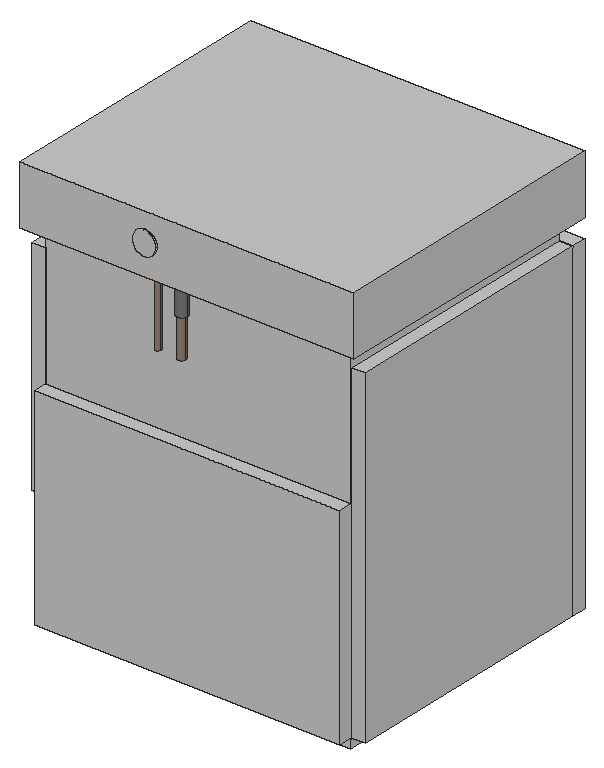
Revit family "QF_Brema_M800SPLIT_M1000SPLITCO2", category Specialty Equipment, Revit 2014
Parameters (values of type "M1000SPLITCO2")
  Width = 700 mm
  Weight = "138 kg"
  Watts = 180 W
  Volts = 230 V
  URL Cutsheet = ""
  URL = "www.bremaice.it"
  Status [instance] = ""
  Specification by User [instance] = ""
  Specification by Manufacturer [instance] = ""
  Show Logo [instance] = yes
  Show Clearance [instance] = yes
  Serial Number = ""
  Seismic Rating = ""
  SMACNA No = ""
  Revision Code [instance] = ""
  Refrigerant Volume [instance] = 0.00 kN
  Refrigerant Type = "CO2"
  Plumbing Remarks [instance] = ""
  Plumbing Connection Type [instance] = ""
  Phase = 1
  Number of Poles [instance] = 1
  NAFEM Spec ID Number = ""
  Model = "M800SPLIT"
  Min Ckt Ampacity = 0 A
  Max Overcurrent Protection = 10 A
  Manufacturer = "BREMA"
  Item Number [instance] = ""
  Installed By [instance] = ""
  Indirect Waste Size = 1"
  Indirect Waste Radius = Indirect Waste Size / 2  # 1/2"
  Indirect Waste Flow [instance] = 0 m³/h
  Indirect Waste Connection Type [instance] = ""
  Indirect Waste Connection Height = 65 mm
  Identify Quantity as Lot [instance] = no
  Height = 880 mm
  HP = ""
  Furnished By [instance] = ""
  Foodservice Equipment Identifier [instance] = yes
  FL Amps = 0 A
  Electrical Remarks [instance] = ""
  Electric Connection Type [instance] = ""
  Elec Conn RI Height [instance] = 0 mm
  Elec Conn Connection Height = 204 mm
  Description = "AUTOMATIC ICE CUBE MAKER AIR COOLED"
  Depth = 604 mm
  Daily Production [instance] = "1040,0 kg/24h T=21°C:15°C"
  Cycle = 50 Hz
  Conn Plug = ""
  Conn Conduit = yes
  Cold Water Temperature Recommended [instance] = 35 °C
  Cold Water Size Radius = Cold Water Size / 2  # 3/8"
  Cold Water Size = 3/4"
  Cold Water RI Height [instance] = 0 mm
  Cold Water Minimum Pressure = 1.0 bar
  Cold Water Maximum Pressure = 6.0 bar
  Cold Water Flow [instance] = 0 m³/h
  Cold Water Consumption [instance] = "1 l/kg"
  Cold Water Connection Height = 120 mm
  CSI MasterFormat = ""
  BTUH = 0 W
  Assembly Code = "E1090320"
  Apparent Power = 180 VA
Types (3, lengths in mm): name | Refrigerant Type | Daily Production
  (no name) | "CO2" | "1040,0 kg/24h T=21°C:15°C"
  M800SPLIT | "R404A" | "900,0 kg/24h T=21°C:15°C"
  M1000SPLITCO2 | "CO2" | "1040,0 kg/24h T=21°C:15°C"
Reference planes
  plane 1 "BACK": y = 0
  plane 2: z = 0
  plane 3 "LEFT": x = 0
  plane 4 "RIGHT": x = 700
  plane 5 "FRONT": y = -604
  plane 6 "TOP": z = 880
Forms (mm)
  Extrusion 1, solid
    sketch origin (30, -557, 121) x (0, -1, 0) y (0, 0, 1)
      loop
        circle (-76, 83) r 4
    from 4 to 20
  Extrusion 2, solid
    sketch origin (30, -557, 159) x (0, -1, 0) y (0, 0, 1)
      loop
        circle (-76, 45) r 15
    from 0 to 4
  Extrusion 3, solid
    sketch origin (30, -176, 93.5) x (0, -1, 0) y (0, 0, -1)
      loop
        circle (305, -26.5) r 10
    from 0 to -20
  Extrusion 4, solid, visible <- "Show Clearance", detail levels coarse
    sketch origin (0, 0, 0) x (1, 0, 0) y (0, 1, 0)
      loop
        line (0, 50) -> (0, 0) -> (700, 0) -> (700, 50) -> (0, 50)
    from 0 to 880
  Extrusion 5, solid
    sketch origin (30, -221, 38.5) x (0, -1, 0) y (0, 0, -1)
      loop
        circle (305, -26.5) r 12.7
    from 0 to -20
  Extrusion 6, solid
    sketch origin (0, 0, 265) x (0, 1, 0) y (0, 0, 1)
      loop
        line (0, 615) -> (-604, 615) -> (-604, 490) -> (0, 490) -> (0, 615)
    from 0 to 700
  Extrusion 7, solid
    sketch origin (0, 0, 0) x (0, 1, 0) y (0, 0, 1)
      loop
        line (-574, 715) -> (-574, 250) -> (-424, 250) -> (-424, 20) -> (-30, 20) -> (-30, 715) -> (-574, 715)
    from 0 to 30
  Extrusion 8, solid
    sketch origin (700, 0, 0) x (0, 1, 0) y (0, 0, 1)
      loop
        line (-30, 715) -> (-574, 715) -> (-574, 20) -> (-30, 20) -> (-30, 715)
    from 0 to -30
  Extrusion 9, solid
    sketch origin (0, 0, 0) x (1, 0, 0) y (0, 1, 0)
      loop
        line (30, -30) -> (30, -574) -> (670, -574) -> (670, -30) -> (30, -30)
    from 0 to 20
  Extrusion 10, solid
    sketch origin (0, -604, 0) x (1, 0, 0) y (0, 0, 1)
      loop
        line (30, 460) -> (30, 20) -> (670, 20) -> (670, 460) -> (30, 460)
    from 0 to -30
  Extrusion 11, solid
    sketch origin (700, 0, 0) x (0, 1, 0) y (0, 0, 1)
      loop
        line (0, 715) -> (-30, 715) -> (-30, 20) -> (0, 20) -> (0, 715)
    from 0 to -700
  Extrusion 12, solid
    sketch origin (700, -30, 0) x (0, 1, 0) y (0, 0, 1)
      loop
        line (0, 755) -> (-544, 755) -> (-544, 0) -> (0, 0) -> (0, 755)
    from -30 to -670
  Extrusion 13, solid
    sketch origin (-1000, 1005, 725) x (-1, 0, 0) y (0, -1, 0)
      loop
        circle (-1327.334, 1594) r 12
    from -22.85 to 30
  Extrusion 14, solid
    sketch origin (0, 0, 685) x (-1, 0, 0) y (0, -1, 0)
      loop
        circle (-327.334, 589) r 8
    from -65.701 to 70
  Extrusion 15, solid
    sketch origin (-50, 0, 685) x (-1, 0, 0) y (0, -1, 0)
      loop
        circle (-327.334, 589) r 6
    from -65.701 to 70
  Extrusion 16, solid
    sketch origin (-1030, -604, -65) x (1, 0, 0) y (0, 0, 1)
      loop
        circle (1291.809, 884.757) r 25
    from 0 to 2
Lines and regions (mm)
  symbolic lines, style "QF_Clearances", visible <- "Show Clearance", detail levels coarse
    curve 1: line (0, 50, 0) -> (700, 50, 0)
  symbolic lines, style "200-EquipBorder-2D"
    curve 2: line (0, 0, 5) -> (700, 0, 5)
    curve 3: line (0, -604, 5) -> (0, 0, 5)
    curve 4: line (700, -604, 5) -> (0, -604, 5)
    curve 5: line (700, 0, 5) -> (700, -604, 5)
Dimensions and locks
  plane 4 "RIGHT" to plane 3 "LEFT" = 700 mm
  plane 5 "FRONT" to plane 1 "BACK" = 604 mm
  plane 6 "TOP" to plane 2 = 880 mm
  plane 6 "TOP" to level = 880 mm
  aligned and locked: level to plane 2
  aligned and locked: plane 4 "RIGHT" to Extrusion 4
  aligned and locked: plane 6 "TOP" to Extrusion 4
  aligned and locked: plane 4 "RIGHT" to curve 1
  aligned and locked: plane 4 "RIGHT" to Extrusion 6
Connectors
  electrical at (10, -481, 204), driven by "Number of Poles", driven by "Volts", driven by "Apparent Power"
    settings: on Extrusion 1, index 1, voltage 230 V, apparent load 180 VA, apparent load phase1 0 VA, apparent load phase2 0 VA, apparent load phase3 0 VA, power factor 1, load classification "Other", number of poles 1, system type 30, power factor state 1, is connector primary yes, connector utility no, sub classification motor no, connector description "Electrical connection"
  piping at (10, -481, 120), diameter 19.05, driven by "Cold Water Flow", driven by "Cold Water Size Radius"
    settings: on Extrusion 3, index 3, connector inside diameter 3/4", connector length 0 mm, flow factor 0, pipe flow 0 m³/h, pressure drop 0.0 bar, fitting loss kfactor 0, connector angle 0.00°, fixture units 0, engagement length 0 mm, angle of deflection 0.00°, flow configuration 1, flow direction 1, fitting loss method 0, system type 20, joint type 0, gender type 0, connector reference index -1, connector utility 0, adjustable connector no, is connector primary yes, connector description "Cold water inlet"
  piping at (10, -526, 65), diameter 25.4, driven by "Indirect Waste Flow", driven by "Indirect Waste Radius"
    settings: on Extrusion 5, index 6, connector inside diameter 1", connector length 0 mm, flow factor 0, pipe flow 0 m³/h, pressure drop 0.0 bar, fitting loss kfactor 0, connector angle 0.00°, fixture units 0, engagement length 0 mm, angle of deflection 0.00°, flow configuration 1, flow direction 2, fitting loss method 0, system type 16, joint type 0, gender type 0, connector reference index -1, connector utility 0, adjustable connector no, is connector primary no, connector description "Water drain"
